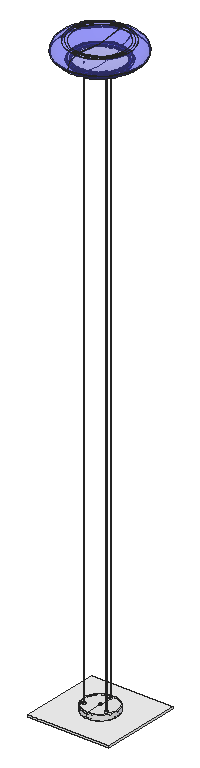
Revit family "BE_56545_de_DE", category Leuchten, Revit 2020
Family settings
  Basisbauteil = Fläche
  Bemaßung runder Anschluss = Durchmesser verwenden
  Teiletyp = Normal
  Beim Laden mit Abzugskörper schneiden = Ja
  Lichtquelle = Ja
  Gemeinsam genutzt = Nein
  Raumberechnungspunkt = Ja
Parameters (values of type "BEGA_56545_K4")
  built-in parameter 1150104 = 12.254 (stored number, unit not read)
  Wattage = 11.9 W
  Default Elevation = 0 mm
  built-in parameter 1150113 = 1 (stored number, unit not read)
  built-in parameter 1114218 = 1 (stored number, unit not read)
  Umgebungstemperatur = "25 °C"
  URL = "https://www.bega.com/de/produkt/56545"
  Typenkommentare = "© 2022 BEGA. Wir behalten uns das Recht vor, technische Änderungen ohne vorherige Ankündigung vorzunehmen."  # constant formula
  built-in parameter 1150134 = 12
  built-in parameter 1150109 = 1 (stored number, unit not read)
  Strom = ""
  built-in parameter 1150110 = 1 (stored number, unit not read)
  Spannung = 239.996 V
  Sonderanfertigung = no
  Seriennummer [instance] = "Hier können Sie die eindeutige Seriennummer für das Facility Management eintragen."
  Schutzklasse = "I"
  Schutzart = "IP 20"
  Scheinlast = 0 VA
  Produktdatenblatt = "https://cdn.bega.com/bega/products/56545K3/current/documents/data-sheets/de"
  Oberflächentemperatur = ""
  Neigungswinkel = 0.00°
  Modell = "56545K4"
  Material_17 = BEGA_Reflektor
  Material_15 = BEGA_Leuchtmedium_matt
  Material_11 = BEGA_Glas_opal
  Material_09 = BEGA_Glas_klar
  Material_06 = BEGA_Oberfläche_Edelstahl_gebürstet
  Material_05 = BEGA_Oberfläche_Aluminium Guss
  Material_03 = BEGA_Oberfläche_Weiss_matt
  Material_02 = BEGA_Oberfläche_Silber_matt
  Material_01 [instance] = BEGA_Oberfläche_Grafit_matt
  M_W = no
  M_G = no
  M_A = no
  Logo = 0
  built-in parameter 1114217 = 1 (stored number, unit not read)
  built-in parameter 1150139 = (empty or 0)
  built-in parameter 1150105 = 379.4 (stored number, unit not read)
  built-in parameter 1150114 = 1 (stored number, unit not read)
  Lumens = 1569.61 lm
  built-in parameter 1150115 = 1 (stored number, unit not read)
  Leuchtenlichtstrom = "1310 lm"
  Leuchtenanzahl = ""
  Lebensdauerkriterien = "L70B50 @ 25 °C = 200000 h"
  Lastklassifizierung = Beleuchtung
  built-in parameter 1150112 = 1 (stored number, unit not read)
  Lampenlichtstrom = "1795 lm"
  Lampe = "LED 11.6 W"
  LED_Modulbezeichnung = "LED-0529/940"
  Hersteller = "BEGA"  # constant formula
  Halbstreuwinkel = ""
  Gewicht = "4.5 kg"
  Gebrauchslageneinschränkung [instance] = ""
  Frequenz = "0/50-60 Hz"
  Farbwiedergabeindex = "CRI > 90"
  Farbtemperaturverschiebung bei Dämpfen der Lampe = <Keine Auswahl>
  Farbtemperatur = "4000 K"
  Color Filter = 16777215
  built-in parameter 1150133 = 10 (stored number, unit not read)
  Energieeffizienzklasse = "LED A++ - A"
  built-in parameter 1150137 = (empty or 0)
  built-in parameter 1150132 = (empty or 0)
  ENEC = "ja"
  Dimmbar [instance] = "on/off"
  Datei für fotometrisches Netz = "BE_56545K4.IES"
  CE_Konformität = "ja"
  Bestellnummer = "56545K4"
  Beschreibung_Sonderanfertigung = "Hier können Sie Informationen zur Sonderanfertigung eintragen."
  Beschreibung = "Pendelleuchte"
  built-in parameter 1150106 = 3.794 (stored number, unit not read)
  Befestigungsbohrung = ""
  Befestigungsabstand = ""
  Ballwurfsicher = ""
  BEGA_Intern_aus = yes
  BEGA_Intern_an = yes
  BEGA_Intern_Konstruktion = yes
  BEGA_Intern = yes
  BEGA_IES = yes
  BEGA_Dummy = no
  Anschlussleitung = ""
  Anschlussleistung [instance] = "13.3 W"
  Anschlusskasten = ""
  built-in parameter 1150107 = 4000 (stored number, unit not read)
  built-in parameter 1150102 = (empty or 0)
  built-in parameter 1150138 = (empty or 0)
  Aktualisierung = "2022-05-19T04:00:07"
  Abstand_zur_angestrahlten_Fläche [instance] = ""
  AC/DC = "AC/DC"
Types (2, lengths in mm): name | built-in parameter 1150104 | built-in parameter 1150134 | Modell | built-in parameter 1150105 | Lumens | Leuchtenlichtstrom | Lampenlichtstrom | LED_Modulbezeichnung | Farbtemperatur | Datei für fotometrisches Netz | Bestellnummer | built-in parameter 1150106 | built-in parameter 1150107
  BEGA_56545_K3 | 11.827 (stored number, unit not read) | (empty or 0) | "56545K3" | 120.55 (stored number, unit not read) | 1514.87 lm | "1256 lm" | "1720 lm" | "LED-0529/930" | "3000 K" | "BE_56545K3.IES" | "56545K3" | 1.2055 (stored number, unit not read) | 3000 (stored number, unit not read)
  BEGA_56545_K4 | 12.254 (stored number, unit not read) | 12 | "56545K4" | 379.4 (stored number, unit not read) | 1569.61 lm | "1310 lm" | "1795 lm" | "LED-0529/940" | "4000 K" | "BE_56545K4.IES" | "56545K4" | 3.794 (stored number, unit not read) | 4000 (stored number, unit not read)
Reference planes
  plane 1 "Mitte (Vorne/Hinten)": y = 0
  plane 2: z = 0
  plane 3 "Mitte (Links/Rechts)": x = 0
  plane 4 "Links": x = -200.061
  plane 5 "Rechts": x = 200.061
  plane 6 "Unten": y = -200
  plane 7 "Oben": y = 200
  plane 8 "Vorne": z = 3000
  plane 9 "Hinten": z = 0
Forms (mm)
  Extrusion 1, solid, material "BEGA_Platte_Weiss"
    sketch origin (0, -1119.2, 0) x (1, 0, 0) y (0, 1, 0)
      loop
        line (-200, 1319.2) -> (-200, 919.2) -> (200, 919.2) -> (200, 1319.2) -> (-200, 1319.2)
    from 0 to -10
  Extrusion 2, solid, material "BEGA_Dummy_matt", visible <- "BEGA_Dummy"
    sketch origin (77.149, -76.023, 0) x (1, 0, 0) y (0, 1, 0)
      loop
        circle (-77.149, 76.023) r 200
    from 0 to 3000
Dimensions and locks
  plane 1 "Mitte (Vorne/Hinten)" to Extrusion 1 = 200 mm
  aligned and locked: plane 2 to Extrusion 1
  aligned and locked: level to Extrusion 1
Nested families
  nested 1: "BE_56545_" at (0, 0, 0), type "BE_56545_"
Connectors
  electrical at (0, 0, 0), driven by "Lastklassifizierung", driven by "Spannung", driven by "Scheinlast"
    settings: index 1, voltage 239.996 V, apparent load 0 VA, apparent load phase1 0 VA, apparent load phase2 0 VA, apparent load phase3 0 VA, power factor 1, load classification "Beleuchtung", number of poles 1, system type 31, power factor state 1, is connector primary yes, connector utility no, sub classification motor no, connector description ""
Definition of nested family "BE_56545_"
  Parameters (values of type "BE_56545_")
    Default Elevation = 1 mm
    URL = "http://www.bega.de/de/produkt"
    Type Comments = "© 2015 BEGA. Wir behalten uns das Recht vor, technische Änderungen ohne vorherige Ankündigung vorzunehmen. "  # constant formula
    Type Image = (empty or 0)
    Neigungswinkel_um_Z2 = 0.00°
    Neigungswinkel_um_Z1 = 0.00°
    Neigungswinkel_um_Y2 = 0.00°
    Neigungswinkel_um_Y1 = 0.00°
    Neigungswinkel_um_X2 = 0.00°
    Neigungswinkel_um_X1 = 0.00°
    Material_17 = none
    Material_15 = none
    Material_11 = none
    Material_09 = none
    Material_06 = none
    Material_05 = none
    Material_03 = none
    Material_02 = none
    Material_01 = none
    M_W = yes
    M_G = yes
    M_A = yes
    Länge_Platte = 300 mm  # constant formula
    Höhe_Platte = -10 mm  # constant formula
    Manufacturer = "BEGA"  # constant formula
    Drehwinkel_um_Z2 = 0.00°
    Drehwinkel_um_Z1 = 0.00°
    Breite_Platte = 300 mm  # constant formula
  Reference planes
    plane 1 "Mitte (Oben/Unten)": y = 0
    plane 2: z = 0
    plane 3 "Mitte (Links/Rechts)": x = 0
    plane 4: y = 200
    plane 5: z = 3000
    plane 6: y = -200
    plane 7: x = -200.061
    plane 8: x = 200.061
  Forms (mm)
    Extrusion 1, solid, detail levels medium
      sketch origin (0, 0, 0) x (1, 0, 0) y (0, 1, 0)
        loop
          line (-150, 150) -> (-150, -150) -> (150, -150) -> (150, 150) -> (-150, 150)
      from 0 to -10 <- "Höhe_Platte"
    Revolve 2, solid, material <- "Material_03", detail levels medium+fine
      sketch origin (0, 0, 0) x (0, 1, 0) y (0, 0, 1)
        loop
          line (81, 3.5) -> (81, 20) -> (79.5, 20) -> (79.5, 3.5) -> (61.5, 3.5) -> (57.148, 7.151)
          arc (57.148, 7.151) -> (56.701, 7.409) -> (56.192, 7.5) r 1.5
          line (56.192, 7.5) -> (0, 7.5) -> (0, 6) -> (56.187, 6) -> (60.954, 2) -> (79.5, 2)
          arc (79.5, 2) -> (80.561, 2.439) -> (81, 3.5) r 1.5
        axis (0, 2) -> (0, 20)
      angle from 0 to 360
    Revolve 3, solid, material <- "Material_03", detail levels medium+fine
      sketch origin (0, 0, 0) x (0, 1, 0) y (0, 0, 1)
        loop
          line (77.088, 2.218) -> (70, 2.218) -> (70, 0) -> (75.1, 0)
          arc (75.1, 0) -> (76.589, 0.665) -> (77.088, 2.218) r 2
        axis (70, 0) -> (70, 2.218)
      angle from 0 to 360
    Revolve 4, solid, material <- "Material_03", detail levels medium+fine
      sketch origin (0, 0, 0) x (1, 0, 0) y (0, 0, 1)
        loop
          line (77.088, 2.218) -> (70, 2.218) -> (70, 0) -> (75.1, 0)
          arc (75.1, 0) -> (76.589, 0.665) -> (77.088, 2.218) r 2
        axis (70, 0) -> (70, 2.218)
      angle from 0 to 360
    Revolve 5, solid, material <- "Material_03", detail levels medium+fine
      sketch origin (0, 0, 0) x (-1, 0, 0) y (0, 0, 1)
        loop
          line (77.088, 2.218) -> (70, 2.218) -> (70, 0) -> (75.1, 0)
          arc (75.1, 0) -> (76.589, 0.665) -> (77.088, 2.218) r 2
        axis (70, 0) -> (70, 2.218)
      angle from 0 to 360
    Revolve 6, solid, material <- "Material_03", detail levels medium+fine
      sketch origin (0, 0, 0) x (0, -1, 0) y (0, 0, 1)
        loop
          line (77.088, 2.218) -> (70, 2.218) -> (70, 0) -> (75.1, 0)
          arc (75.1, 0) -> (76.589, 0.665) -> (77.088, 2.218) r 2
        axis (70, 0) -> (70, 2.218)
      angle from 0 to 360
    Revolve 7, solid, material <- "Material_03", detail levels medium+fine
      sketch origin (0, 0, 0) x (0, 1, 0) y (0, 0, 1)
        loop
          line (84, 3.1) -> (83.589, 26.633)
          arc (83.589, 26.633) -> (83.139, 27.672) -> (82.09, 28.1) r 1.5
          line (82.09, 28.1) -> (0, 28.1) -> (0, 26.6) -> (82.09, 26.6) -> (82.5, 3.1) -> (84, 3.1)
        axis (0, 3.1) -> (0, 28.1)
      angle from 0 to 360
    Extrusion 8, void
      sketch origin (0, 0, 0) x (1, 0, 0) y (0, 1, 0)
        loop
          circle (-70, 0) r 2.75
        loop
          circle (70, 0) r 2.75
        loop
          arc (-17, -24) -> (-25, -32) -> (-17, -40) r 8
          line (-17, -40) -> (17, -40)
          arc (17, -40) -> (25, -32) -> (17, -24) r 8
          line (17, -24) -> (-17, -24)
      from 0 to 9
    Revolve 9, solid, material <- "Material_11", detail levels medium+fine
      sketch origin (0, 0, 0) x (0, 1, 0) y (0, 0, 1)
        loop
          arc (150.537, 2999.117) -> (145.217, 2999.779) -> (139.861, 3000) r 65
          arc (139.861, 3000) -> (133.779, 2999.715) -> (127.751, 2998.862) r 65
          arc (127.751, 2998.862) -> (64.155, 2989.64) -> (0, 2985.969) r 740.25
          line (0, 2985.969) -> (0, 2981.969)
          arc (0, 2981.969) -> (64.53, 2985.658) -> (128.496, 2994.932) r 744.25
          arc (128.496, 2994.932) -> (139.177, 2995.996) -> (149.88, 2995.172) r 61
          spline (149.88, 2995.172) -> (157.303, 2993.588) -> (164.355, 2991.386) -> (170.919, 2988.608) -> (176.879, 2985.304) -> (182.146, 2981.548) -> (186.637, 2977.419) -> (190.28, 2972.996) -> (193.049, 2968.359) -> (194.93, 2963.584) -> (195.909, 2958.743) -> (195.989, 2953.881) -> (195.176, 2949.039)
          spline (195.176, 2949.039) -> (193.971, 2945.62) -> (192.029, 2942.125) -> (189.334, 2938.608) -> (185.881, 2935.124) -> (181.706, 2931.735) -> (176.859, 2928.501) -> (171.389, 2925.48) -> (165.368, 2922.717) -> (158.868, 2920.248) -> (151.965, 2918.112) -> (144.745, 2916.332) -> (137.292, 2914.934)
          line (137.292, 2914.934) -> (131.721, 2920.505)
          arc (131.721, 2920.505) -> (130.099, 2921.589) -> (128.186, 2921.969) r 5
          line (128.186, 2921.969) -> (118.6, 2921.969)
          arc (118.6, 2921.969) -> (115.064, 2920.505) -> (113.6, 2916.969) r 5
          line (113.6, 2916.969) -> (113.6, 2910.969) -> (116.6, 2910.969)
          arc (116.6, 2910.969) -> (117.307, 2911.262) -> (117.6, 2911.969) r 1
          line (117.6, 2911.969) -> (117.6, 2916.969)
          arc (117.6, 2916.969) -> (117.893, 2917.676) -> (118.6, 2917.969) r 1
          line (118.6, 2917.969) -> (127.772, 2917.969)
          arc (127.772, 2917.969) -> (128.537, 2917.817) -> (129.186, 2917.383) r 2
          line (129.186, 2917.383) -> (135.9, 2910.669)
          spline (135.9, 2910.669) -> (143.792, 2912.062) -> (151.456, 2913.864) -> (158.804, 2916.054) -> (165.756, 2918.608) -> (172.232, 2921.498) -> (178.162, 2924.691) -> (183.478, 2928.151) -> (188.12, 2931.84) -> (192.038, 2935.716) -> (195.187, 2939.736) -> (197.531, 2943.855) -> (199.046, 2948.028)
          spline (199.046, 2948.028) -> (199.976, 2953.583) -> (199.882, 2959.176) -> (198.765, 2964.719) -> (196.644, 2970.122) -> (193.552, 2975.301) -> (189.538, 2980.173) -> (184.665, 2984.661) -> (179.011, 2988.693) -> (172.667, 2992.206) -> (165.731, 2995.144) -> (158.316, 2997.46) -> (150.537, 2999.117)
        axis (0, 3000) -> (0, 2910.669)
      angle from 0 to 360
    Revolve 10, solid, material <- "Material_06", detail levels medium+fine
      sketch origin (0, 0, 0) x (0, 1, 0) y (0, 0, 1)
        loop
          line (64.6, 2897.418) -> (64.6, 36.1) -> (63, 36.1) -> (63, 30.1) -> (60.25, 30.1)
          arc (60.25, 30.1) -> (59.366, 29.734) -> (59, 28.85) r 1.25
          line (59, 28.85) -> (59, 27.4) -> (65, 27.4) -> (65, 2898.276) -> (64.6, 2897.418)
        axis (65, 27.4) -> (65, 2898.276)
      angle from 0 to 360
    Revolve 11, solid, material <- "Material_03", detail levels medium+fine
      sketch origin (0, 0, 0) x (0, 1, 0) y (0, 0, 1)
        loop
          line (131.342, 2913.142) -> (129.775, 2913.142) -> (123.081, 2905.164)
          arc (123.081, 2905.164) -> (121.844, 2904.108) -> (120.335, 2903.504) r 5
          spline (120.335, 2903.504) -> (111.96, 2901.767) -> (103.165, 2900.159) -> (93.984, 2898.685) -> (84.451, 2897.351) -> (74.601, 2896.162) -> (64.472, 2895.122) -> (54.101, 2894.236) -> (43.527, 2893.506) -> (32.789, 2892.935) -> (21.928, 2892.526) -> (10.985, 2892.28) -> (0, 2892.197)
          line (0, 2892.197) -> (0, 2890.998)
          spline (0, 2890.998) -> (11.005, 2891.08) -> (21.97, 2891.326) -> (32.852, 2891.737) -> (43.611, 2892.308) -> (54.207, 2893.04) -> (64.6, 2893.929) -> (74.752, 2894.971) -> (84.624, 2896.163) -> (94.179, 2897.501) -> (103.381, 2898.978) -> (112.197, 2900.591) -> (120.593, 2902.332)
          arc (120.593, 2902.332) -> (122.471, 2903.084) -> (124.007, 2904.401) r 6.2
          line (124.007, 2904.401) -> (131.342, 2913.142)
        axis (0, 2890.998) -> (0, 2913.142)
      angle from 0 to 360
    Revolve 12, solid, material <- "Material_03", detail levels medium+fine
      sketch origin (19.631, 0, 0) x (0, 1, 0) y (0, 0, 1)
        loop
          line (80.497, 2899.45) -> (78.997, 2899.45) -> (78.997, 2892.45) -> (80.497, 2892.45)
          arc (80.497, 2892.45) -> (81.381, 2892.817) -> (81.747, 2893.7) r 1.25
          line (81.747, 2893.7) -> (81.747, 2895.45) -> (79.997, 2895.45) -> (79.997, 2896.45) -> (81.747, 2896.45) -> (81.747, 2898.2)
          arc (81.747, 2898.2) -> (81.381, 2899.084) -> (80.497, 2899.45) r 1.25
        axis (75.997, 2899.45) -> (75.997, 2892.45)
      angle from 0 to 360
    Revolve 13, solid, material <- "Material_03", detail levels medium+fine
      sketch origin (0, 0, 0) x (0, 1, 0) y (0, 0, 1)
        loop
          line (6, 30.6) -> (4.1, 30.6)
          arc (4.1, 30.6) -> (3.746, 30.454) -> (3.6, 30.1) r 0.5
          line (3.6, 30.1) -> (3.6, 23.2) -> (4.6, 23.2) -> (5.1, 28.1) -> (6.5, 28.1) -> (6.5, 30.1)
          arc (6.5, 30.1) -> (6.354, 30.454) -> (6, 30.6) r 0.5
        axis (0, 30.6) -> (0, 23.2)
      angle from 0 to 360
    Revolve 14, solid, material <- "Material_06", detail levels medium+fine
      sketch origin (0, 0, 0) x (0.866025, -0.5, 0) y (0, 0, 1)
        loop
          line (64.6, 2897.418) -> (64.6, 36.1) -> (63, 36.1) -> (63, 30.1) -> (60.25, 30.1)
          arc (60.25, 30.1) -> (59.366, 29.734) -> (59, 28.85) r 1.25
          line (59, 28.85) -> (59, 27.4) -> (65, 27.4) -> (65, 2898.276) -> (64.6, 2897.418)
        axis (65, 27.4) -> (65, 2898.276)
      angle from 0 to 360
    Revolve 15, solid, material <- "Material_06", detail levels medium+fine
      sketch origin (0, 0, 0) x (-0.866025, -0.5, 0) y (0, 0, 1)
        loop
          line (64.6, 2897.418) -> (64.6, 36.1) -> (63, 36.1) -> (63, 30.1) -> (60.25, 30.1)
          arc (60.25, 30.1) -> (59.366, 29.734) -> (59, 28.85) r 1.25
          line (59, 28.85) -> (59, 27.4) -> (65, 27.4) -> (65, 2898.276) -> (64.6, 2897.418)
        axis (65, 27.4) -> (65, 2898.276)
      angle from 0 to 360
  Cuts and joins
    Extrusion 8 cuts Revolve 2
    Extrusion 8 cuts Revolve 3
    Extrusion 8 cuts Revolve 4
    Extrusion 8 cuts Revolve 5
    Extrusion 8 cuts Revolve 6
    joined: Revolve 2, Revolve 3, Revolve 4, Revolve 5, Revolve 6, Revolve 7, Revolve 11, Revolve 12, Revolve 13
    joined: Revolve 10, Revolve 14, Revolve 15
  Dimensions and locks
    equal spacing: Extrusion 1 sketch curve, plane 3 "Mitte (Links/Rechts)", Extrusion 1 sketch curve
    equal spacing: Extrusion 1 sketch curve, plane 1 "Mitte (Oben/Unten)", Extrusion 1 sketch curve
    "Länge_Platte": Extrusion 1 sketch curve to Extrusion 1 sketch curve
    "Breite_Platte": Extrusion 1 sketch curve to Extrusion 1 sketch curve
    aligned and locked: plane 2 to Extrusion 1
    aligned and locked: level to Extrusion 1
  Automatic sketch dimensions
    Revolve 2 sketch curve to Revolve 2 sketch curve = 56.187 mm
    Revolve 2 sketch curve to Revolve 2 sketch curve = 0 mm  (x10)
    Revolve 2 sketch curve to Revolve 2 sketch curve = 0.005 mm
    Revolve 2 sketch curve to Revolve 2 sketch curve = 0.956 mm
    Revolve 2 sketch curve to Revolve 2 sketch curve = 4.767 mm
    Revolve 2 sketch curve to Revolve 2 sketch curve = 0.546 mm
    Revolve 2 sketch curve to Revolve 2 sketch curve = 18 mm
    level to Revolve 2 sketch curve = 2 mm
    Revolve 2 sketch curve to Revolve 2 sketch curve = 1.5 mm  (x3)
    Revolve 2 sketch curve to Revolve 2 sketch curve = 2.5 mm
    Revolve 2 sketch curve to Revolve 2 sketch curve = 1.151 mm
    Revolve 2 sketch curve to Revolve 2 sketch curve = 4.522 mm
    Revolve 2 sketch curve to Revolve 2 sketch curve = 16.5 mm
    Revolve 3 sketch curve to Revolve 3 sketch curve = 5.1 mm
    Revolve 3 sketch curve to Revolve 3 sketch curve = 1.988 mm
    Revolve 3 sketch curve to Revolve 3 sketch curve = 0 mm  (x2)
    Revolve 3 sketch curve to Revolve 3 sketch curve = 0.219 mm
    Revolve 3 sketch curve to Revolve 3 sketch curve = 2 mm
    Revolve 4 sketch curve to Revolve 4 sketch curve = 5.1 mm
    Revolve 4 sketch curve to Revolve 4 sketch curve = 1.988 mm
    Revolve 4 sketch curve to Revolve 4 sketch curve = 0 mm  (x2)
    Revolve 4 sketch curve to Revolve 4 sketch curve = 0.219 mm
    Revolve 4 sketch curve to Revolve 4 sketch curve = 2 mm
    Revolve 5 sketch curve to Revolve 5 sketch curve = 5.1 mm
    Revolve 5 sketch curve to Revolve 5 sketch curve = 1.988 mm
    Revolve 5 sketch curve to Revolve 5 sketch curve = 0 mm  (x2)
    Revolve 5 sketch curve to Revolve 5 sketch curve = 0.219 mm
    Revolve 5 sketch curve to Revolve 5 sketch curve = 2 mm
    Revolve 6 sketch curve to Revolve 6 sketch curve = 5.1 mm
    Revolve 6 sketch curve to Revolve 6 sketch curve = 1.988 mm
    Revolve 6 sketch curve to Revolve 6 sketch curve = 0 mm  (x2)
    Revolve 6 sketch curve to Revolve 6 sketch curve = 0.219 mm
    Revolve 6 sketch curve to Revolve 6 sketch curve = 2 mm
    Revolve 3 sketch curve to level = 0 mm
    Revolve 4 sketch curve to level = 0 mm
    Revolve 5 sketch curve to level = 0 mm
    Revolve 6 sketch curve to level = 0 mm
    Revolve 7 sketch curve to Revolve 7 sketch curve = 82.09 mm
    Revolve 7 sketch curve to Revolve 7 sketch curve = 0 mm  (x5)
    Revolve 7 sketch curve to Revolve 7 sketch curve = 0.41 mm
    Revolve 7 sketch curve to Revolve 7 sketch curve = 1.5 mm  (x3)
    level to Revolve 7 sketch curve = 3.1 mm
    Revolve 7 sketch curve to Revolve 7 sketch curve = 23.5 mm
    Revolve 7 sketch curve to Revolve 7 sketch curve = 0.033 mm
    Revolve 7 sketch curve to Revolve 7 sketch curve = 5.4 mm
    Revolve 7 sketch curve to Revolve 7 sketch curve = 8.1 mm
    Revolve 9 sketch curve to Revolve 9 sketch curve = 45.296 mm
    Revolve 9 sketch curve to Revolve 9 sketch curve = 55.314 mm
    Revolve 9 sketch curve to Revolve 9 sketch curve = 0 mm  (x23)
    level to Revolve 9 sketch curve = 2910.669 mm
    Revolve 9 sketch curve to Revolve 9 sketch curve = 3.961 mm
    Revolve 9 sketch curve to Revolve 9 sketch curve = 7.714 mm
    Revolve 9 sketch curve to Revolve 9 sketch curve = 0.414 mm  (x2)
    Revolve 9 sketch curve to Revolve 9 sketch curve = 9.172 mm
    Revolve 9 sketch curve to Revolve 9 sketch curve = 1 mm  (x4)
    Revolve 9 sketch curve to Revolve 9 sketch curve = 4 mm  (x2)
    Revolve 9 sketch curve to Revolve 9 sketch curve = 113.6 mm
    Revolve 9 sketch curve to Revolve 9 sketch curve = 0.3 mm
    Revolve 9 sketch curve to Revolve 9 sketch curve = 5.3 mm
    Revolve 9 sketch curve to Revolve 9 sketch curve = 5 mm
    Revolve 9 sketch curve to Revolve 9 sketch curve = 17.031 mm
    Revolve 9 sketch curve to Revolve 9 sketch curve = 740.18 mm
    Revolve 9 sketch curve to Revolve 9 sketch curve = 3.87 mm
    Revolve 9 sketch curve to Revolve 9 sketch curve = 0.657 mm
    Revolve 9 sketch curve to Revolve 9 sketch curve = 10.677 mm
    Revolve 9 sketch curve to Revolve 9 sketch curve = 1.392 mm
    level to Revolve 9 sketch curve = 2914.934 mm
    Revolve 9 sketch curve to Revolve 9 sketch curve = 4.399 mm
    Revolve 9 sketch curve to Revolve 9 sketch curve = 3.536 mm  (x2)
    level to Revolve 9 sketch curve = 2920.505 mm
    level to Revolve 9 sketch curve = 2917.383 mm
    Revolve 9 sketch curve to Revolve 9 sketch curve = 11.365 mm
    Revolve 9 sketch curve to Revolve 9 sketch curve = 0.745 mm
    Revolve 9 sketch curve to Revolve 9 sketch curve = 12.143 mm
    Revolve 9 sketch curve to Revolve 9 sketch curve = 52.456 mm
    Revolve 9 sketch curve to Revolve 9 sketch curve = 23.9 mm
    Revolve 9 sketch curve to Revolve 9 sketch curve = 14.051 mm
    Revolve 10 sketch curve to Revolve 10 sketch curve = 1.25 mm
    Revolve 10 sketch curve to Revolve 10 sketch curve = 2.75 mm
    Revolve 10 sketch curve to Revolve 10 sketch curve = 1.6 mm
    Revolve 10 sketch curve to Revolve 10 sketch curve = 0.4 mm
    Revolve 10 sketch curve to Revolve 10 sketch curve = 1.45 mm
    Revolve 10 sketch curve to Revolve 10 sketch curve = 6 mm
    Revolve 10 sketch curve to Revolve 10 sketch curve = 0.858 mm
    Revolve 10 sketch curve to Revolve 10 sketch curve = 0 mm  (x2)
    Revolve 10 sketch curve to Revolve 10 sketch curve = 2861.318 mm
    Revolve 10 sketch curve to Revolve 10 sketch curve = 32.512 mm
    level to Revolve 11 sketch curve = 2890.998 mm
    level to Revolve 11 sketch curve = 2908.387 mm
    Revolve 11 sketch curve to Revolve 11 sketch curve = 119.258 mm
    Revolve 11 sketch curve to Revolve 11 sketch curve = 0 mm  (x5)
    Revolve 11 sketch curve to Revolve 11 sketch curve = 10.517 mm
    Revolve 11 sketch curve to Revolve 11 sketch curve = 1.566 mm
    Revolve 11 sketch curve to Revolve 11 sketch curve = 1.2 mm
    Revolve 11 sketch curve to Revolve 11 sketch curve = 4.755 mm
    Revolve 11 sketch curve to Revolve 11 sketch curve = 0.152 mm
    Revolve 11 sketch curve to Revolve 11 sketch curve = 0.103 mm
    Revolve 11 sketch curve to Revolve 11 sketch curve = 0.175 mm
    Revolve 11 sketch curve to Revolve 11 sketch curve = 1.077 mm
    Revolve 11 sketch curve to Revolve 11 sketch curve = 0.258 mm
    Revolve 11 sketch curve to Revolve 11 sketch curve = 2.746 mm
    level to Revolve 11 sketch curve = 2905.164 mm
    Revolve 11 sketch curve to Revolve 11 sketch curve = 0.927 mm
    level to Revolve 11 sketch curve = 2904.401 mm
    Revolve 11 sketch curve to Revolve 11 sketch curve = 5.524 mm
    Revolve 11 sketch curve to Revolve 11 sketch curve = 1.172 mm
    level to Revolve 12 sketch curve = 2896.45 mm
    level to Revolve 12 sketch curve = 2893.7 mm
    Revolve 12 sketch curve to Revolve 12 sketch curve = 0 mm
    Revolve 12 sketch curve to Revolve 12 sketch curve = 1.25 mm  (x2)
    Revolve 12 sketch curve to Revolve 12 sketch curve = 1.75 mm  (x2)
    Revolve 12 sketch curve to Revolve 12 sketch curve = 1.5 mm
    Revolve 12 sketch curve to Revolve 12 sketch curve = 1 mm
    Revolve 12 sketch curve to Revolve 12 sketch curve = 3 mm
    Revolve 12 sketch curve to Revolve 12 sketch curve = 2 mm  (x2)
    Revolve 13 sketch curve to Revolve 13 sketch curve = 0.5 mm  (x2)
    Revolve 13 sketch curve to Revolve 13 sketch curve = 1.9 mm
    level to Revolve 13 sketch curve = 23.2 mm
    Revolve 13 sketch curve to Revolve 13 sketch curve = 6.9 mm
    Revolve 13 sketch curve to Revolve 13 sketch curve = 1 mm
    Revolve 13 sketch curve to Revolve 13 sketch curve = 1.4 mm
    Revolve 13 sketch curve to Revolve 13 sketch curve = 2 mm  (x2)
    Revolve 13 sketch curve to Revolve 13 sketch curve = 3.6 mm
    Revolve 13 sketch curve to Revolve 13 sketch curve = 2.5 mm
    plane 1 "Mitte (Oben/Unten)" to Extrusion 8 sketch curve = 0 mm  (x2)
    Extrusion 8 sketch curve to plane 3 "Mitte (Links/Rechts)" = 17 mm
    plane 1 "Mitte (Oben/Unten)" to Extrusion 8 sketch curve = 24 mm
    Extrusion 8 sketch curve to Extrusion 8 sketch curve = 8 mm
    plane 3 "Mitte (Links/Rechts)" to Extrusion 8 sketch curve = 17 mm
    Revolve 9 sketch curve to Revolve 9 sketch curve = 14.039 mm
    Revolve 9 sketch curve to Revolve 9 sketch curve = 65 mm
    Revolve 9 sketch curve to Revolve 9 sketch curve = 4.828 mm
    Revolve 9 sketch curve to Revolve 9 sketch curve = 39.859 mm
    Revolve 9 sketch curve to Revolve 9 sketch curve = 11 mm
    Revolve 3 sketch curve to plane 1 "Mitte (Oben/Unten)" = 70 mm
    Revolve 2 sketch curve to plane 1 "Mitte (Oben/Unten)" = 0 mm
    plane 1 "Mitte (Oben/Unten)" to Revolve 6 sketch curve = 70 mm
    Revolve 7 sketch curve to plane 1 "Mitte (Oben/Unten)" = 0 mm
    Revolve 9 sketch curve to plane 1 "Mitte (Oben/Unten)" = 0 mm
    plane 1 "Mitte (Oben/Unten)" to Revolve 9 sketch curve = 10.173 mm
    Revolve 11 sketch curve to plane 1 "Mitte (Oben/Unten)" = 0 mm
    Revolve 11 sketch curve to Revolve 11 sketch curve = 179.69 mm
    Revolve 12 sketch curve to plane 1 "Mitte (Oben/Unten)" = 78.997 mm
    Revolve 13 sketch curve to plane 1 "Mitte (Oben/Unten)" = 0 mm
    Revolve 5 sketch curve to plane 3 "Mitte (Links/Rechts)" = 70 mm
    Extrusion 8 sketch curve to Extrusion 8 sketch curve = 53 mm  (x2)
    plane 3 "Mitte (Links/Rechts)" to Revolve 4 sketch curve = 70 mm
    Revolve 14 sketch curve to Revolve 14 sketch curve = 1.25 mm
    Revolve 14 sketch curve to Revolve 14 sketch curve = 2.75 mm
    Revolve 14 sketch curve to Revolve 14 sketch curve = 1.6 mm
    Revolve 14 sketch curve to Revolve 14 sketch curve = 0.4 mm
    Revolve 14 sketch curve to Revolve 14 sketch curve = 1.45 mm
    Revolve 14 sketch curve to Revolve 14 sketch curve = 6 mm
    Revolve 14 sketch curve to Revolve 14 sketch curve = 0.858 mm
    Revolve 14 sketch curve to Revolve 14 sketch curve = 0 mm  (x2)
    Revolve 14 sketch curve to Revolve 14 sketch curve = 2861.318 mm
    Revolve 14 sketch curve to Revolve 14 sketch curve = 32.512 mm
    Revolve 15 sketch curve to Revolve 15 sketch curve = 1.25 mm
    Revolve 15 sketch curve to Revolve 15 sketch curve = 2.75 mm
    Revolve 15 sketch curve to Revolve 15 sketch curve = 1.6 mm
    Revolve 15 sketch curve to Revolve 15 sketch curve = 0.4 mm
    Revolve 15 sketch curve to Revolve 15 sketch curve = 1.45 mm
    Revolve 15 sketch curve to Revolve 15 sketch curve = 6 mm
    Revolve 15 sketch curve to Revolve 15 sketch curve = 0.858 mm
    Revolve 15 sketch curve to Revolve 15 sketch curve = 0 mm  (x2)
    Revolve 15 sketch curve to Revolve 15 sketch curve = 2861.318 mm
    Revolve 15 sketch curve to Revolve 15 sketch curve = 32.512 mm
    level to Revolve 10 sketch curve = 27.4 mm
    Revolve 10 sketch curve to plane 1 "Mitte (Oben/Unten)" = 59 mm
    level to Revolve 14 sketch curve = 27.4 mm
    level to Revolve 15 sketch curve = 27.4 mm
    radius of Extrusion 8 sketch curve = 2.75 mm  (x2)
